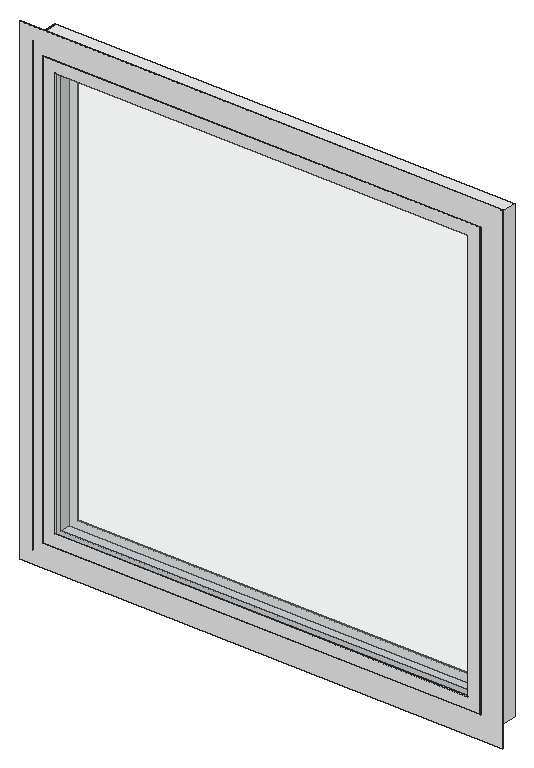
Revit family "Casement_34_B_Top_Hung_Standard", category Windows, host Wall, Revit 2014
Parameters (values of type "Casement_Sash_DG")
  Width Sash [instance] = 30 mm
  Width Sash Inner = 15 mm
  Width Bead = 15 mm
  Top Hung [instance] = yes
  Side Hung Right [instance] = yes
  Side Hung Left [instance] = yes
  Sash Opening Width [instance] = 600 mm
  Sash Opening Height [instance] = 600.312 mm
  Sash Lip = 15 mm
  Glazing Material [instance] = Glass
  DG Start Piece 2 [instance] = DG End Piece 1 + DG Gasket Thickness  # 25 mm
  DG Start Peice 1 [instance] = (Depth Sash - (2 * DG Glazing Thickness) - DG Gasket Thickness) / 2  # 6.6 mm
  Glazing Offset = 5 mm
  DG Glazing Thickness [instance] = 6.4 mm
  DG Gasket Thickness = 12 mm  # constant formula
  DG Gasket Material [instance] = none
  DG End Piece 2 [instance] = DG Start Piece 2 + DG Glazing Thickness  # 31.4 mm
  DG End Piece 1 [instance] = DG Start Peice 1 + DG Glazing Thickness  # 13 mm
  Depth Sash [instance] = 38 mm
  Center Vertical Sash [instance] = Sash Opening Height / 2  # 300.156 mm
  Center Horizontal Sash [instance] = Sash Opening Width / 2  # 300 mm
  Bottom Hung [instance] = yes
  Bead Offset = 15 mm
  Aluminium Thickness = 1 mm
  Aluminium Material [instance] = White Powder Coated Aluminium
Reference planes
  plane 1 "Center (Front/Back)": y = 0
  plane 2: z = 0
  plane 3 "Center (Left/Right)": x = 0
Forms (mm)
  Sweep 1, solid, material "White Powder Coated Aluminium" <- "Aluminium Material"
    path origin (16.177, 0, 121.331) x (1, 0, 0) y (0, 0, 1)
      loop
        line (0, 0) -> (600, 0) -> (600, 600.312) -> (0, 600.312) -> (0, 0)
    profile origin (316.177, 0, 121.331) x (0, 0, 1) y (0, -1, 0)
      loop
        line (0, 0) -> (30, 0) -> (30, 1) -> (15, 1) -> (15, 38) -> (-15, 38) -> (-15, 37) -> (0, 37) -> (0, 0)
      loop
        line (14, 1) -> (14, 37) -> (1, 37) -> (1, 1) -> (14, 1)
  Sweep 2, solid, material "White Powder Coated Aluminium" <- "Aluminium Material"
    path origin (0, 0, 0) x (1, 0, 0) y (0, 0, 1)
      loop
        line (31.177, 706.643) -> (31.177, 136.331) -> (601.177, 136.331) -> (601.177, 706.643) -> (31.177, 706.643)
    profile origin (316.177, 0, 706.643) x (0, 0, 1) y (0, -1, 0)
      loop
        line (0, 37) -> (0, 38) -> (-15, 38) -> (-15, 37) -> (0, 37)
  Extrusion 3, solid, material "Glass" <- "Glazing Material"
    sketch origin (0, 0, 0) x (1, 0, 0) y (0, 0, 1)
      loop
        line (36.177, 701.643) -> (36.177, 141.331) -> (596.177, 141.331) -> (596.177, 701.643) -> (36.177, 701.643)
    from 6.6 <- "DG Start Peice 1" to 13 <- "DG End Piece 1"
  Extrusion 4, solid, material "Glass" <- "Glazing Material"
    sketch origin (0, 0, 0) x (1, 0, 0) y (0, 0, 1)
      loop
        line (36.177, 701.643) -> (36.177, 141.331) -> (596.177, 141.331) -> (596.177, 701.643) -> (36.177, 701.643)
    from 31.4 <- "DG End Piece 2" to 25 <- "DG Start Piece 2"
  Sweep 5, solid, material <- "DG Gasket Material"
    path origin (0, -13, 0) x (1, 0, 0) y (0, 0, 1)
      loop
        line (36.177, 701.643) -> (36.177, 141.331) -> (596.177, 141.331) -> (596.177, 701.643) -> (36.177, 701.643)
    profile origin (316.177, -13, 701.643) x (0, 0, 1) y (0, -1, 0)
      loop
        line (0, 0) -> (0, 12) -> (-7.96, 12) -> (-7.96, 0) -> (0, 0)
Lines and regions (mm)
  model lines
    curve 1: line (1.177, -38, 736.643) -> (31.177, -38, 706.643)
    curve 2: line (601.177, -38, 706.643) -> (631.177, -38, 736.643)
    curve 3: line (601.177, -38, 136.331) -> (631.177, -38, 106.331)
    curve 4: line (1.177, -38, 106.331) -> (31.177, -38, 136.331)
    curve 5: line (631.177, -37, 736.643) -> (616.177, -37, 721.643)
    curve 6: line (1.177, -37, 736.643) -> (16.177, -37, 721.643)
    curve 7: line (1.177, -37, 106.331) -> (16.177, -37, 121.331)
    curve 8: line (631.177, -37, 106.331) -> (616.177, -37, 121.331)
    curve 9: line (616.177, 0, 121.331) -> (586.177, 0, 151.331)
    curve 10: line (46.177, 0, 151.331) -> (16.177, 0, 121.331)
    curve 11: line (616.177, 0, 721.643) -> (586.177, 0, 691.643)
    curve 12: line (46.177, 0, 691.643) -> (16.177, 0, 721.643)
    curve 13: line (31.177, -38, 691.643) -> (46.177, -38, 691.643)
    curve 14: line (586.177, -38, 691.643) -> (601.177, -38, 691.643)
    curve 15: line (586.177, -38, 151.331) -> (601.177, -38, 151.331)
    curve 16: line (31.177, -38, 151.331) -> (46.177, -38, 151.331)
  model lines, style "GenericModelHiddenLines", visible <- "Top Hung"
    curve 17: line (46.386, -31.4, 690.914) -> (316.177, -31.4, 151.331)
    curve 18: line (316.177, -31.4, 151.331) -> (586.177, -31.4, 691.331)
  model lines, style "GenericModelHiddenLines", visible <- "Bottom Hung"
    curve 19: line (46.177, -31.4, 151.331) -> (316.177, -31.4, 691.331)
    curve 20: line (316.177, -31.4, 691.331) -> (586.177, -31.4, 151.331)
  model lines, style "GenericModelHiddenLines", visible <- "Side Hung Left"
    curve 21: line (46.386, -31.4, 690.914) -> (585.24, -31.4, 421.487)
    curve 22: line (585.24, -31.4, 421.487) -> (46.177, -31.4, 151.331)
  model lines, style "GenericModelHiddenLines", visible <- "Side Hung Right"
    curve 23: line (586.177, -31.4, 691.331) -> (46.177, -31.4, 421.487)
    curve 24: line (46.177, -31.4, 421.487) -> (586.177, -31.4, 151.331)
Dimensions and locks
  "Aluminium Thickness": Sweep 1 sketch curve to Sweep 1 sketch curve  (x4)
  "Depth Sash": Sweep 1 sketch curve to Sweep 1 sketch curve
  "Sash Opening Width": Sweep 1 to Sweep 1
  "Sash Opening Height": Sweep 1 to Sweep 1
  "Width Sash": Sweep 1 sketch curve to Sweep 1 sketch curve  (x2)
  "Width Sash Inner": Sweep 1 sketch curve to Sweep 1 sketch curve
  "Sash Lip": Sweep 1 sketch curve to Sweep 1 sketch curve
  "Aluminium Thickness": Sweep 1 to Sweep 2 sketch curve
  "Glazing Offset": Sweep 2 to Extrusion 3 sketch curve  (x3)
  "Glazing Offset": Extrusion 3 sketch curve to Sweep 2
  Sweep 1 to Sweep 1 = 1 mm
  "Aluminium Thickness": Sweep 2 sketch curve to Sweep 2 sketch curve
  "Width Bead": Sweep 2 sketch curve to Sweep 2 sketch curve
  locked: Sweep 5 sketch curve to Sweep 5 sketch curve at 7.96
  "Center Horizontal Sash": Sweep 1 to curve 18
  "Center Horizontal Sash": Sweep 1 to curve 20
  "Center Vertical Sash": Sweep 1 to curve 22
  "Center Vertical Sash": Sweep 1 to curve 24
  aligned and locked: level to plane 2
  aligned and locked: Sweep 1 sketch curve to Sweep 1 sketch curve  (x2)
  aligned and locked: Sweep 2 sketch curve to Sweep 1  (x5)
  aligned and locked: Extrusion 4 sketch curve to Extrusion 3  (x4)
  aligned and locked: Sweep 5 sketch curve to Extrusion 3  (x5)
  aligned and locked: Extrusion 3 to Sweep 5 sketch curve
Automatic sketch dimensions
  plane 3 "Center (Left/Right)" to Sweep 1 sketch curve = 16.177 mm
  level to Sweep 1 sketch curve = 121.331 mm
  plane 3 "Center (Left/Right)" to Sweep 1 sketch curve = 616.177 mm
  level to Sweep 1 sketch curve = 721.643 mm
  profile plane to Sweep 5 sketch curve = 12 mm
  curve 7 to Sweep 1 = 0 mm  (x4)
  curve 6 to Sweep 1 = 0 mm  (x3)
  Sweep 1 to curve 6 = 0 mm
  curve 5 to Sweep 1 = 0 mm  (x3)
  curve 8 to Sweep 1 = 0 mm  (x4)
  Sweep 1 to curve 5 = 0 mm
  curve 16 to Sweep 2 = 0 mm  (x3)
  curve 13 to Sweep 2 = 0 mm  (x3)
  curve 15 to Sweep 2 = 0 mm
  Sweep 2 to curve 15 = 0 mm  (x2)
  curve 14 to Sweep 2 = 0 mm  (x2)
  Sweep 2 to curve 14 = 0 mm
  curve 1 to Sweep 1 = 0 mm  (x4)
  curve 4 to Sweep 1 = 0 mm  (x3)
  Sweep 1 to curve 4 = 0 mm
  curve 3 to Sweep 1 = 0 mm  (x3)
  curve 2 to Sweep 1 = 0 mm  (x4)
  Sweep 1 to curve 3 = 0 mm
  curve 10 to Sweep 1 = 0 mm  (x4)
  curve 12 to Sweep 1 = 0 mm  (x3)
  Sweep 1 to curve 12 = 0 mm
  curve 9 to Sweep 1 = 0 mm  (x4)
  curve 11 to Sweep 1 = 0 mm  (x3)
  Sweep 1 to curve 11 = 0 mm
  Sweep 1 sketch curve to plane 1 "Center (Front/Back)" = 0 mm
  profile plane to Sweep 1 sketch curve = 0 mm
  curve 21 to Extrusion 4 = 10.208 mm
  curve 19 to Extrusion 4 = 10 mm
  curve 23 to Extrusion 4 = 10 mm  (x2)
  curve 22 to Extrusion 4 = 10.937 mm
  curve 20 to Extrusion 4 = 10 mm
  curve 24 to Extrusion 4 = 10 mm
  curve 22 to Extrusion 4 = 10 mm
  curve 18 to Extrusion 4 = 10 mm
  curve 21 to Extrusion 4 = 10.729 mm
  curve 19 to Extrusion 4 = 10.312 mm
  curve 18 to Extrusion 4 = 10.312 mm
Types in the file's own list only (6): name | Windload Design | Width Sash Opening | Width Sash | Width Profile | Width Panel 4 | Width Panel 1 | Width | URL | Offset Window Exterior | Max System DG Unit Thickness | Max System DG One Piece Thickness | Max Pane Area | Limit Fixed Panel Width Max | Intruderprufe U Value | Intruderprufe SHGC Value | Intruderprufe LowE U Value | Intruderprufe LowE SHGC Value | Height Sash Opening | Height | Energy Advantage U Value | Energy Advantage SHGC Value | DG Thickness Calc | Custom Window Width | Custom Window Height | Window Exterior Offset | Custom Windload | Custom Sash Width | Sash Spacing Inner | Sash Overlap | Sash Center Offset | SG Gasket Thickness | Offset Sash Left | Offset Sash Top | Offset Panel 4 Left | Offset Mullion Left | Offset Bead SG Center Reversed | Model | Manufacturer | Limit Window Width Min | Limit Window Width Max | Limit Window Height Min | Limit Window Height Max | Limit Sash Width Min | Limit Sash Width Max | Limit Sash Height Min | Limit Sash Height Max | Limit Fixed Panel Width Min | Length Mullion | Height Sash | Height Panel 4 | Description | Depth Mullion | Frame Center Offset | Depth Bead | Default Sill Height | Wall Closure | DG Gasket Finish | DG Extrusion Start | Mullion Depth Windload Based | Clearvue U Value | Clearvue SHGC Value | Clearvue Insulated U Value | Clearvue Insulated SHGC Value | Clearvue Insulated LowE U Value | Clearvue Insulated LowE SHGC Value | Casement Dimension | Bottom Hung | Bead SG Gap | Area Pane Right | Area Pane Left
  34-1206T-1000Pa | 1000 mm | 554 mm | 524 mm | 30 mm | 561 mm | 539 mm | 1190 mm | "http://www.crealco.co.za/crealco-products.php" | 17 mm | 20 mm | 4 mm | 0.29 m² | 1500 mm | 6.06 | 0.544 | 4.54 | 0.484 | 544 mm | 590 mm | 4.77 | 0.516 | 4 mm | 1190 mm | 590 mm | 0 mm | 1000 mm | 554 mm | 8 mm | 7 mm | 14 mm | 6 mm | 23 mm | 23 mm | 599 mm | 569 mm | 17 mm | "Casement 34" | "Crealco" | 829 mm | 2129 mm | 346 mm | 946 mm | 300 mm | 1200 mm | 300 mm | 900 mm | 200 mm | 590 mm | 514 mm | 530 mm | "Window 34mm, Type B top hung" | 35 mm | 17 mm | 20 mm | 800 mm | By host | Double Glazing Gasket Material | 7 mm | 35 mm | 6.13 | 0.576 | 4.2 | 0.513 | 3.65 | 0.467 | 34 mm | No | 13 mm | 0.29 m² | 0.23 m²
  34-1206T-1500Pa | 1500 mm | 554 mm | 524 mm | 30 mm | 561 mm | 539 mm | 1190 mm | "http://www.crealco.co.za/crealco-products.php" | 17 mm | 20 mm | 4 mm | 0.29 m² | 1500 mm | 6.06 | 0.544 | 4.54 | 0.484 | 544 mm | 590 mm | 4.77 | 0.516 | 4 mm | 1190 mm | 590 mm | 0 mm | 1500 mm | 554 mm | 8 mm | 7 mm | 14 mm | 6 mm | 23 mm | 23 mm | 599 mm | 569 mm | 17 mm | "Casement 34" | "Crealco" | 829 mm | 2129 mm | 346 mm | 946 mm | 300 mm | 1200 mm | 300 mm | 900 mm | 200 mm | 590 mm | 514 mm | 530 mm | "Window 34mm, Type B top hung" | 35 mm | 17 mm | 20 mm | 800 mm | By host | Double Glazing Gasket Material | 7 mm | 35 mm | 6.13 | 0.576 | 4.2 | 0.513 | 3.65 | 0.467 | 34 mm | No | 13 mm | 0.29 m² | 0.23 m²
  34-1206T-2000Pa | 2000 mm | 554 mm | 524 mm | 30 mm | 561 mm | 539 mm | 1190 mm | "http://www.crealco.co.za/crealco-products.php" | 17 mm | 20 mm | 4 mm | 0.29 m² | 1500 mm | 6.06 | 0.544 | 4.54 | 0.484 | 544 mm | 590 mm | 4.77 | 0.516 | 4 mm | 1190 mm | 590 mm | 0 mm | 2000 mm | 554 mm | 8 mm | 7 mm | 14 mm | 6 mm | 23 mm | 23 mm | 599 mm | 569 mm | 17 mm | "Casement 34" | "Crealco" | 829 mm | 2129 mm | 346 mm | 946 mm | 300 mm | 1200 mm | 300 mm | 900 mm | 200 mm | 590 mm | 514 mm | 530 mm | "Window 34mm, Type B top hung" | 35 mm | 17 mm | 20 mm | 800 mm | By host | Double Glazing Gasket Material | 7 mm | 35 mm | 6.13 | 0.576 | 4.2 | 0.513 | 3.65 | 0.467 | 34 mm | No | 13 mm | 0.29 m² | 0.23 m²
  34-1506T-1000Pa | 1000 mm | 554 mm | 524 mm | 30 mm | 861 mm | 539 mm | 1490 mm | "http://www.crealco.co.za/crealco-products.php" | 17 mm | 20 mm | 4 mm | 0.44 m² | 1500 mm | 6.11 | 0.543 | 4.52 | 0.483 | 544 mm | 590 mm | 4.8 | 0.515 | 4 mm | 1490 mm | 590 mm | 0 mm | 1000 mm | 554 mm | 8 mm | 7 mm | 14 mm | 6 mm | 23 mm | 23 mm | 599 mm | 569 mm | 17 mm | "Casement 34" | "Crealco" | 829 mm | 2129 mm | 346 mm | 946 mm | 300 mm | 1200 mm | 300 mm | 900 mm | 200 mm | 590 mm | 514 mm | 530 mm | "Window 34mm, Type B top hung" | 35 mm | 17 mm | 20 mm | 800 mm | By host | Double Glazing Gasket Material | 7 mm | 35 mm | 6.15 | 0.575 | 4.21 | 0.512 | 3.68 | 0.467 | 34 mm | No | 13 mm | 0.44 m² | 0.23 m²
  34-1506T-1500Pa | 1500 mm | 554 mm | 524 mm | 30 mm | 861 mm | 539 mm | 1490 mm | "http://www.crealco.co.za/crealco-products.php" | 17 mm | 20 mm | 4 mm | 0.44 m² | 1500 mm | 6.11 | 0.543 | 4.52 | 0.483 | 544 mm | 590 mm | 4.8 | 0.515 | 4 mm | 1490 mm | 590 mm | 0 mm | 1500 mm | 554 mm | 8 mm | 7 mm | 14 mm | 6 mm | 23 mm | 23 mm | 599 mm | 569 mm | 17 mm | "Casement 34" | "Crealco" | 829 mm | 2129 mm | 346 mm | 946 mm | 300 mm | 1200 mm | 300 mm | 900 mm | 200 mm | 590 mm | 514 mm | 530 mm | "Window 34mm, Type B top hung" | 35 mm | 17 mm | 20 mm | 800 mm | By host | Double Glazing Gasket Material | 7 mm | 35 mm | 6.15 | 0.575 | 4.21 | 0.512 | 3.68 | 0.467 | 34 mm | No | 13 mm | 0.44 m² | 0.23 m²
  34-1506T-2000Pa | 2000 mm | 554 mm | 524 mm | 30 mm | 861 mm | 539 mm | 1490 mm | "http://www.crealco.co.za/crealco-products.php" | 17 mm | 20 mm | 4 mm | 0.44 m² | 1500 mm | 6.11 | 0.543 | 4.52 | 0.483 | 544 mm | 590 mm | 4.8 | 0.515 | 4 mm | 1490 mm | 590 mm | 0 mm | 2000 mm | 554 mm | 8 mm | 7 mm | 14 mm | 6 mm | 23 mm | 23 mm | 599 mm | 569 mm | 17 mm | "Casement 34" | "Crealco" | 829 mm | 2129 mm | 346 mm | 946 mm | 300 mm | 1200 mm | 300 mm | 900 mm | 200 mm | 590 mm | 514 mm | 530 mm | "Window 34mm, Type B top hung" | 35 mm | 17 mm | 20 mm | 800 mm | By host | Double Glazing Gasket Material | 7 mm | 35 mm | 6.15 | 0.575 | 4.21 | 0.512 | 3.68 | 0.467 | 34 mm | No | 13 mm | 0.44 m² | 0.23 m²
